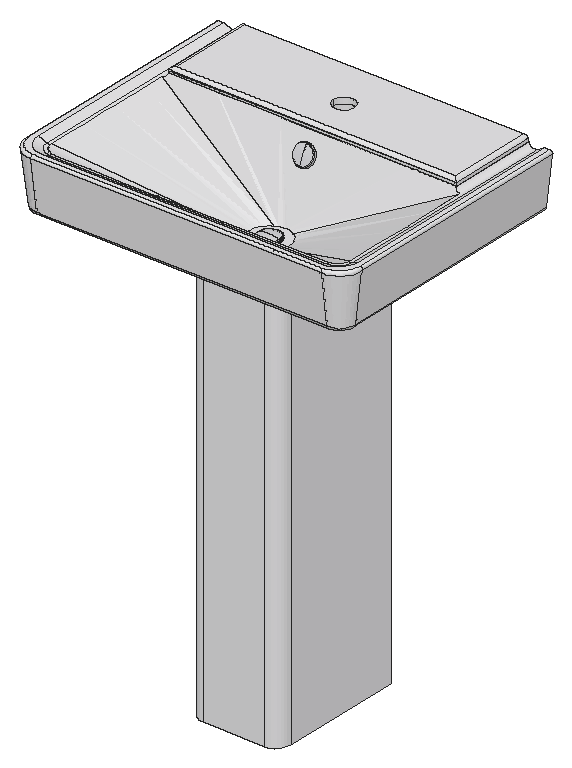
Revit family "Sink-Pedestal-KOHLER-Rêve-K-5152", category Plumbing Fixtures, host Face, Revit 2015
Parameters (values of type "Single Faucet hole, 0- White")
  Width = 18 5/16"  # constant formula
  WaterSense Certified = 1 = 0  # no
  Waste Water Outlet = "Waste Water Outlet"  # constant formula
  Waste Connection = 1 = 1  # yes
  Vent Connection = 1 = 0  # no
  URL = "https://www.us.kohler.com/us/"
  Type = 1
  Single Faucet hole = or(Type = 1)  # yes
  Product Page URL = "http://www.us.kohler.com/us/catalog/productDetails.jsp?productNumber=5152-1"
  Product Name = "Rêve"  # constant formula
  Product Documentation Link = "https://www.us.kohler.com/webassets/kpna/catalog/pdf/en/K-5152-1_spec.pdf"
  Model = if(Type = 1, "K-5152-1-0", if(Type = 2, "K-5152-8-0", "NA"))  # "K-5152-1-0"
  Material = "Fireclay"  # constant formula
  MasterFormat 2004 = "22.41.16"  # constant formula
  MasterFormat 1995 = "15410"  # constant formula
  Manufacturer Address = "444 Highland Dr, Kohler, WI 53044"  # constant formula
  Manufacturer = "KOHLER Co."  # constant formula
  Length = 23 5/8"  # constant formula
  Hot Water Inlet = "Hot Water Inlet"  # constant formula
  Height = 35 1/2"  # constant formula
  HW Connection = 1 = 0  # no
  Finish = Kohler-Fireclay-0-White
  Hole Distance = if(Single Faucet hole, 26", 8")  # 26"
  Environmental Product Declaration = ""
  Drain Included = 1 = 0  # no
  Description = if(Single Faucet hole, "23 inch pedestal bathroom sink with single faucet hole", if([8 inch Widespread Faucet hole], "23 inch pedestal bathroom sink with 8 inch widespread faucet holes", "NA"))  # "23 inch pedestal bathroom sink with single faucet hole"
  Default Elevation = 0"
  Declare Label = ""
  Date Modified = "04/03/2019"  # constant formula
  Date Created = "04/03/2019"  # constant formula
  Copyright = "Copyright KOHLER Co."  # constant formula
  Contact Us = "https://www.us.kohler.com/us/static/contact.jsp"
  Cold Water Inlet = "Cold Water Inlet"  # constant formula
  CW Connection = 1 = 0  # no
  Assembly Code = "D2010400"
  ADA Compliant = 1 = 0  # no
  8 inch Widespread Faucet hole = or(Type = 2)  # no
Types (3): name | Type | Single Faucet hole | Product Page URL | Product Documentation Link | Model | Hole Distance | Description | 8 inch Widespread Faucet hole
  (no name) | 1 | yes | "http://www.us.kohler.com/us/catalog/productDetails.jsp?productNumber=5152-1" | "https://www.us.kohler.com/webassets/kpna/catalog/pdf/en/K-5152-1_spec.pdf" | "K-5152-1-0" | 26" | "23 inch pedestal bathroom sink with single faucet hole" | no
  Single Faucet hole, 0- White | 1 | yes | "http://www.us.kohler.com/us/catalog/productDetails.jsp?productNumber=5152-1" | "https://www.us.kohler.com/webassets/kpna/catalog/pdf/en/K-5152-1_spec.pdf" | "K-5152-1-0" | 26" | "23 inch pedestal bathroom sink with single faucet hole" | no
  8 inch Widespread Faucet hole, 0- White | 2 | no | "http://www.us.kohler.com/us/catalog/productDetails.jsp?productNumber=5152-8" | "https://www.us.kohler.com/webassets/kpna/catalog/pdf/en/K-5152-8_spec.pdf" | "K-5152-8-0" | 8" | "23 inch pedestal bathroom sink with 8 inch widespread faucet holes" | yes
Reference planes (in)
  plane 1 "Center (Front/Back)": y = 0
  plane 2: z = 0
  plane 3 "Center (Left/Right)": x = 0
  plane 4: x = 11.8125
  plane 5: x = -11.8125
  plane 6: y = -3.5625
  plane 7: y = -10.125
  plane 8: y = -6.3125
  plane 9: y = -18.3125
  plane 10: z = 35.5
  plane 11: x = -13
  plane 12: x = 13
  plane 13: y = -3.39408
  plane 14: y = -13.20658
  plane 15: z = 31.1875
  plane 16: z = 29.1875
  plane 17: x = -3.53125
  plane 18: x = 3.53125
Dimensions and locks (in)
  "Width": plane 9 to plane 1 "Center (Front/Back)"
  "Length": plane 5 to plane 4
  plane 1 "Center (Front/Back)" to plane 6 = 3 9/16"
  plane 1 "Center (Front/Back)" to plane 8 = 6 5/16"
  plane 7 to plane 1 "Center (Front/Back)" = 10 1/8"
  "Height": plane 10 to plane 2
  "Hole Distance": plane 11 to plane 12
  equal spacing: plane 11, plane 3 "Center (Left/Right)", plane 12
  plane 13 to plane 14 = 9 13/16"
  plane 18 to plane 17 = 7 1/16"
  plane 10 to plane 16 = 6 5/16"
  plane 10 to plane 15 = 4 5/16"
  aligned and locked: plane 2 to host face
  aligned and locked: level to host face
  aligned and locked: plane 12 to nested 1
  aligned and locked: plane 11 to nested 1
  aligned and locked: plane 3 "Center (Left/Right)" to nested 1
Automatic sketch dimensions
  host sketch curve to host sketch curve = 96"  (x2)
Nested families (in)
  nested 1: "K-5152" at (0, 0, 0), type "K-5152"
Connectors (in)
  piping at (0, -10.12499, 28.3125), diameter 1.25, driven by "Waste Connection", driven by "Waste Water Outlet"
    settings: on nested 1, index 1, connector inside diameter 24", connector length 0", flow factor 0, pipe flow 0 GPM, pressure drop 0.00 psi, fitting loss kfactor 0, connector angle 0.00°, fixture units 0, engagement length 0", angle of deflection 0.00°, flow configuration 0, flow direction 2, fitting loss method 0, system type 16, joint type 0, gender type 0, connector reference index -1, connector utility 1, adjustable connector no, is connector primary yes, connector description "Waste Water Outlet"
Definition of nested family "K-5152"
  Parameters (values of type "K-5152")
    Material = none
    Hole Alignment = 8"
    Faucet Hole Spacing = 8"
    8" widespread faucet hole = yes
  Reference planes (in)
    plane 1 "Center (Front/Back)": y = 0
    plane 2: z = 0
    plane 3 "Center (Left/Right)": x = 0
    plane 4: x = -11.8125
    plane 5: x = 11.8125
    plane 6: y = -18.3125
    plane 7: y = -3.5625
    plane 8: y = -10.125
    plane 9: y = -6.3125
    plane 10: z = 35.5
    plane 11: z = 29.1875
    plane 12: y = -3.39408
    plane 13: y = -13.20658
    plane 14: y = -8.9951
    plane 15: y = -0.9951
    plane 16: z = 31.1875
    plane 17: x = -4
    plane 18: x = 4
    plane 19: through (0, -7.2807, 33.19798) normal (0, 0.8967, -0.4426)
  Forms (in)
    Sweep 1, solid, material <- "Material", detail levels medium+fine
      path origin (0, 0, 0) x (1, 0, 0) y (0, 1, 0)
        loop
          line (11.8125, 0) -> (11.8125, -16.71094)
          arc (11.8125, -16.71094) -> (11.34341, -17.84341) -> (10.21094, -18.3125) r 1.60156
          line (10.21094, -18.3125) -> (-10.2125, -18.3125)
          arc (-10.2125, -18.3125) -> (-11.34387, -17.84387) -> (-11.8125, -16.7125) r 1.6
          line (-11.8125, -16.7125) -> (-11.8125, 0)
      profile origin (-11.8125, -8.35625, 0) x (-1, 0, 0) y (0, 0, 1)
        loop
          line (-1.30703, 31.1875) -> (-0.65674, 31.1875)
          arc (-0.65674, 31.1875) -> (-0.53314, 31.23401) -> (-0.47085, 31.35046) r 0.1875
          line (-0.47085, 31.35046) -> (-0.00152, 34.90604)
          arc (-0.00152, 34.90604) -> (-0.04632, 35.05389) -> (-0.18704, 35.11766) r 0.18713
          line (-0.18704, 35.11766) -> (-0.78825, 35.11766) -> (-1.30703, 31.1875)
    Sweep 2, solid, material <- "Material", detail levels medium+fine
      path origin (0, 0, 0) x (1, 0, 0) y (0, 1, 0)
        loop
          line (-9.38222, 0) -> (-9.38222, -13.87553)
          arc (-9.38222, -13.87553) -> (-9.04869, -14.68072) -> (-8.24349, -15.01425) r 1.13872
          line (-8.24349, -15.01425) -> (8.2411, -15.01425)
          arc (8.2411, -15.01425) -> (9.04765, -14.68017) -> (9.38173, -13.87362) r 1.14063
          line (9.38173, -13.87362) -> (9.38173, 0)
      profile origin (-9.38222, -6.93776, 0) x (1, 0, 0) y (0, 0, 1)
        loop
          line (0.08946, 31.1875) -> (0.31745, 29.47757)
          arc (0.31745, 29.47757) -> (0.42859, 29.27026) -> (0.64876, 29.1875) r 0.33424
          line (0.64876, 29.1875) -> (0.86987, 29.1875) -> (0.60321, 31.1875) -> (0.08946, 31.1875)
    Sweep 3, solid, material <- "Material", detail levels medium+fine
      path origin (0, 0.00159, 0) x (1, 0, 0) y (0, 1, 0)
        loop
          line (-10.11199, -0.00439) -> (-10.11506, -6.3125) -> (10.11458, -6.3125) -> (10.1115, -0.00439)
      profile origin (-10.11353, -3.15686, 0) x (1, -0.000487, 0) y (0, 0, 1)
        loop
          line (0.33107, 35.5) -> (0.29924, 35.5)
          arc (0.29924, 35.5) -> (0.12155, 35.4462) -> (0.00356, 35.30286) r 0.32031
          arc (0.00356, 35.30286) -> (-0.00121, 35.28724) -> (-0.00282, 35.27099) r 0.08288
          line (-0.00282, 35.27099) -> (-0.00282, 35.11766) -> (0.33107, 35.11766) -> (0.33107, 35.5)
    Extrusion 4, solid, material <- "Material", detail levels medium+fine
      sketch origin (0, 0, 0) x (1, 0, 0) y (0, 1, 0)
        loop
          arc (-8.55612, -13.87553) -> (-8.46455, -14.09659) -> (-8.24349, -14.18815) r 0.31263
          line (-8.24349, -14.18815) -> (8.2411, -14.18815)
          arc (8.2411, -14.18815) -> (8.46351, -14.09603) -> (8.55563, -13.87362) r 0.31453
          line (8.55563, -13.87362) -> (8.55563, 0) -> (-8.55612, 0) -> (-8.55612, -13.87553)
      from 29.1875 to 31.1875
    Extrusion 5, solid, material <- "Material", detail levels medium+fine
      sketch origin (0, 0, 0) x (1, 0, 0) y (0, 1, 0)
        loop
          arc (-11.02425, -16.7125) -> (-10.78649, -17.28649) -> (-10.2125, -17.52425) r 0.81175
          line (-10.2125, -17.52425) -> (10.21094, -17.52425)
          arc (10.21094, -17.52425) -> (10.78604, -17.28604) -> (11.02425, -16.71094) r 0.81331
          line (11.02425, -16.71094) -> (11.02425, 0) -> (-11.02425, 0) -> (-11.02425, -16.7125)
      from 31.1875 to 35.11766
    Extrusion 6, solid, material <- "Material", detail levels medium+fine
      sketch origin (0, 0, 0) x (1, 0, 0) y (0, 1, 0)
        loop
          line (-9.78383, -5.98143) -> (9.78335, -5.98143) -> (9.78043, -0.00281) -> (-9.78092, -0.00281) -> (-9.78383, -5.98143)
      from 35.11766 to 35.5
    Blend 7, void
      base sketch origin (0, 0, 0) x (1, 0, 0) y (0, 1, 0)
        loop
          arc (-0.96941, -11.13377) -> (-0.0013, -11.52014) -> (0.96681, -11.13377) r 1.40608
          arc (0.96681, -11.13377) -> (1.15575, -10.91299) -> (1.29527, -10.65808) r 1.40608
          arc (1.29527, -10.65808) -> (1.33071, -9.66371) -> (0.69913, -8.89486) r 1.40608
          arc (0.69913, -8.89486) -> (-0.0013, -8.70799) -> (-0.70172, -8.89486) r 1.40608
          arc (-0.70172, -8.89486) -> (-1.3333, -9.66371) -> (-1.29786, -10.65808) r 1.40608
          arc (-1.29786, -10.65808) -> (-1.15835, -10.91299) -> (-0.96941, -11.13377) r 1.40608
      top sketch origin (0, 0, 0) x (1, 0, 0) y (0, 1, 0)
        loop
          line (-10.28878, -17.56711) -> (10.30015, -17.56716)
          arc (10.30015, -17.56716) -> (11.00725, -17.27427) -> (11.30015, -16.56716) r 1
          line (11.30015, -16.56716) -> (11.30015, -6.27918) -> (-11.28878, -6.27918) -> (-11.28878, -16.56711)
          arc (-11.28878, -16.56711) -> (-10.99589, -17.27421) -> (-10.28878, -17.56711) r 1
      from 29.92729 to 35.2273
    Revolve 8, solid, detail levels medium+fine
      sketch origin (-0.0003, -10.12511, 0.00781) x (1, 0, 0) y (0, 0, 1)
        loop
          line (0.0003, 28.82466) -> (0.13392, 28.82466) -> (0.13392, 29.85466) -> (0.70203, 29.85466) -> (0.72612, 29.87875) -> (0.73365, 29.90895)
          arc (0.73365, 29.90895) -> (0.73053, 29.92363) -> (0.71703, 29.93022) r 0.01713
          line (0.71703, 29.93022) -> (0.68593, 29.93022)
          arc (0.68593, 29.93022) -> (0.67193, 29.93601) -> (0.66614, 29.95001) r 0.01979
          line (0.66614, 29.95001) -> (0.66614, 30.01026)
          arc (0.66614, 30.01026) -> (0.672, 30.02442) -> (0.68617, 30.03029) r 0.02003
          line (0.68617, 30.03029) -> (0.74583, 30.03029)
          arc (0.74583, 30.03029) -> (0.76069, 30.03564) -> (0.76873, 30.04923) r 0.0233
          arc (0.76873, 30.04923) -> (0.76713, 30.06568) -> (0.75422, 30.076) r 0.02123
          arc (0.75422, 30.076) -> (0.38083, 30.15399) -> (0.0003, 30.18024) r 2.78536
          line (0.0003, 30.18024) -> (0.0003, 28.82466)
        axis (0.0003, 28.82466) -> (0.0003, 30.18024)
      angle from 0 to 360
    Revolve 9, void
      sketch origin (0, -0.04712, 0.54688) x (0, 1, 0) y (0, 0, 1)
        loop
          line (-10.07787, 28.8246) -> (-9.72501, 28.8246) -> (-9.29921, 29.36546)
          arc (-9.29921, 29.36546) -> (-9.26115, 29.38227) -> (-9.22223, 29.39696) r 0.75422
          line (-9.22223, 29.39696) -> (-9.22223, 29.48779) -> (-10.07787, 29.48779) -> (-10.07787, 28.8246)
        axis (-10.07787, 28.8246) -> (-10.07787, 29.48779)
      angle from 0 to 360
    Extrusion 10, solid, material <- "Material", detail levels medium+fine
      sketch origin (0, 0, 0) x (1, 0, 0) y (0, 1, 0)
        loop
          line (3.15366, -12.22233) -> (3.15366, -3.39408) -> (2.1658, -3.39408) -> (1.45645, -11.46508) -> (-1.45694, -11.46508) -> (-2.16529, -3.39408) -> (-3.15625, -3.39408) -> (-3.15625, -12.22233)
          arc (-3.15625, -12.22233) -> (-2.86797, -12.9183) -> (-2.172, -13.20658) r 0.98425
          line (-2.172, -13.20658) -> (2.1694, -13.20658)
          arc (2.1694, -13.20658) -> (2.86538, -12.9183) -> (3.15366, -12.22233) r 0.98425
      from 0 to 29.5158
    Revolve 11, solid, material <- "Material", detail levels medium+fine
      sketch origin (-0.00262, -10.12499, -1.5625) x (1, 0, 0) y (0, 0, 1)
        loop
          arc (-1.43069, 29.76553) -> (-1.38047, 29.66538) -> (-1.27596, 29.625) r 0.15544
          line (-1.27596, 29.625) -> (-0.94673, 29.625) -> (-0.94673, 29.875) -> (0.00262, 29.875) -> (0.00262, 30.82606) -> (-1.80304, 31.06431)
          arc (-1.80304, 31.06431) -> (-1.61611, 30.97005) -> (-1.52847, 30.77994) r 0.31758
          line (-1.52847, 30.77994) -> (-1.43069, 29.76553)
        axis (0.00262, 29.625) -> (0.00262, 31.06431)
      angle from 0 to 360
    Extrusion 12, void
      sketch origin (0, 0, 0) x (1, 0, 0) y (0, 1, 0)
        loop
          circle (0, -3.5625) r 0.75
      from 31.43663 to 35.59121
    Extrusion 13, void
      sketch origin (0, 0, 0) x (1, 0, 0) y (0, 1, 0)
        loop
          circle (-4, -3.5625) r 0.75
        loop
          circle (4, -3.5625) r 0.75
      from 31.1875 to 35.59121
    Revolve 14, solid, detail levels medium+fine
      sketch origin (0, 0, 0) x (0, 1, 0) y (0, 0, 1)
        loop
          line (-6.65107, 34.41045) -> (-6.83943, 34.49612)
          arc (-6.83943, 34.49612) -> (-6.85484, 34.49733) -> (-6.86744, 34.48838) r 0.02265
          arc (-6.86744, 34.48838) -> (-7.0519, 34.19725) -> (-7.21239, 33.89226) r 4.28879
          line (-7.21239, 33.89226) -> (-6.95588, 33.77015) -> (-6.65107, 34.41045)
        axis (-6.95588, 33.77015) -> (-7.21239, 33.89226)
      angle from 0 to 360
    Sweep 15, void
      path origin (0, 0, 0) x (1, 0, 0) y (0, 1, 0)
        loop
          line (11.28511, 0) -> (11.28511, -16.29788)
          arc (11.28511, -16.29788) -> (10.84577, -17.35854) -> (9.78511, -17.79788) r 1.5
          line (9.78511, -17.79788) -> (-9.75785, -17.79788)
          arc (-9.75785, -17.79788) -> (-10.81851, -17.35854) -> (-11.25785, -16.29788) r 1.5
          line (-11.25785, -16.29788) -> (-11.25785, 0)
      profile origin (11.28511, -8.14894, 0) x (1, 0, 0) y (0, 0, 1)
        loop
          line (0.10721, 35.15887) -> (0.10721, 35.34758) -> (-1.16922, 35.34758) -> (-1.16922, 35.11978)
          arc (-1.16922, 35.11978) -> (-1.16709, 35.10064) -> (-1.1608, 35.08244) r 0.08701
          arc (-1.1608, 35.08244) -> (-0.89477, 34.83894) -> (-0.53429, 34.85006) r 0.47894
          arc (-0.53429, 34.85006) -> (-0.21109, 34.99937) -> (0.10721, 35.15887) r 11.20313
    Extrusion 16, solid, material <- "Material", detail levels coarse
      sketch origin (0, 0, 0) x (1, 0, 0) y (0, 1, 0)
        loop
          line (-3.53125, -3.39408) -> (-3.53125, -13.23893) -> (3.53894, -13.23893) -> (3.53894, -3.39408) -> (-3.53125, -3.39408)
      from 0 to 29.50181
    Extrusion 17, solid, material <- "Material", detail levels coarse
      sketch origin (0, 0, 0) x (1, 0, 0) y (0, 1, 0)
        loop
          line (-9.29276, 0) -> (-9.29276, -14.93854) -> (9.30921, -14.93854) -> (9.30921, 0) -> (-9.29276, 0)
      from 29.1875 to 31.66275
    Extrusion 18, solid, material <- "Material", detail levels coarse
      sketch origin (0, 0, 0) x (1, 0, 0) y (0, 1, 0)
        loop
          line (-11.81259, 0) -> (-11.81259, -18.3125) -> (11.8125, -18.3125) -> (11.8125, 0) -> (-11.81259, 0)
      from 31.1875 to 35.11766
    Extrusion 19, solid, material <- "Material", detail levels coarse
      sketch origin (0, 0, 0) x (1, 0, 0) y (0, 1, 0)
        loop
          line (-10.11622, -0.00281) -> (-10.11622, -6.30736) -> (10.11102, -6.30736) -> (10.11102, -0.00281) -> (-10.11622, -0.00281)
      from 34.6947 to 35.5
    Extrusion 20, void
      sketch origin (0, 0, 0) x (1, 0, 0) y (0, 1, 0)
        loop
          line (10.11102, -6.30736) -> (-10.13898, -6.30736) -> (-10.13898, -16.80736) -> (10.11102, -16.80736) -> (10.11102, -6.30736)
      from 31.66275 to 35.81262
    Extrusion 21, void
      sketch origin (0, 0, 0) x (1, 0, 0) y (0, 0, 1)
        loop
          line (5.53894, 29.1875) -> (5.53894, 29.9375)
          arc (5.53894, 29.9375) -> (5.02637, 31.17494) -> (3.78894, 31.6875) r 1.75
          line (3.78894, 31.6875) -> (-3.78125, 31.6875)
          arc (-3.78125, 31.6875) -> (-5.01869, 31.17494) -> (-5.53125, 29.9375) r 1.75
          line (-5.53125, 29.9375) -> (-5.53125, 29.1875) -> (5.53894, 29.1875)
      from 0 to 7.86038
  Cuts and joins
    Extrusion 12, Extrusion 13 cuts Sweep 3
    Extrusion 12, Extrusion 13 cuts Extrusion 6
    joined: Sweep 3, Extrusion 6
    Blend 7, Revolve 9, Extrusion 12, Extrusion 13, Sweep 15, Extrusion 21 cuts Sweep 1
    Blend 7, Revolve 9, Extrusion 12, Extrusion 13, Extrusion 21 cuts Sweep 2
    Blend 7, Revolve 9, Extrusion 12, Extrusion 13, Extrusion 21 cuts Extrusion 4
    Blend 7, Revolve 9, Extrusion 12, Extrusion 13, Sweep 15, Extrusion 21 cuts Extrusion 5
    Blend 7, Extrusion 12, Extrusion 13, Extrusion 21 cuts Extrusion 10
    joined: Sweep 1, Sweep 2, Extrusion 4, Extrusion 5, Extrusion 10
    Extrusion 21 cuts Revolve 8
    Extrusion 21 cuts Revolve 14
    joined: Revolve 8, Revolve 14
    Extrusion 20, Extrusion 21 cuts Extrusion 16
    Extrusion 21 cuts Extrusion 17
    Extrusion 20 cuts Extrusion 18
    Extrusion 21 cuts Extrusion 19
    joined: Extrusion 16, Extrusion 17, Extrusion 18, Extrusion 19
    Extrusion 21 cuts Revolve 11
  Lines and regions (in)
    Masking region 1
      outline origin (0, 0, 0) x (1, 0, 0) y (0, 1, 0)
        loop
          arc (-11.8125, -16.72656) -> (-11.34799, -17.84799) -> (-10.22656, -18.3125) r 1.58594
          line (-10.22656, -18.3125) -> (10.2254, -18.3125)
          arc (10.2254, -18.3125) -> (11.34765, -17.84765) -> (11.8125, -16.7254) r 1.5871
          line (11.8125, -16.7254) -> (11.8125, 0) -> (-11.8125, 0) -> (-11.8125, -16.72656)
    Masking region 2
      outline origin (0, 0, 0) x (1, 0, 0) y (0, 0, 1)
        loop
          arc (-11.34165, 31.35046) -> (-11.27936, 31.23401) -> (-11.15576, 31.1875) r 0.1875
          line (-11.15576, 31.1875) -> (-9.29276, 31.1875) -> (-9.06477, 29.47757)
          arc (-9.06477, 29.47757) -> (-8.95363, 29.27026) -> (-8.73346, 29.1875) r 0.33424
          line (-8.73346, 29.1875) -> (-3.53125, 29.1875) -> (-3.53125, 0) -> (3.53125, 0) -> (3.53125, 29.1875) -> (8.73346, 29.1875)
          arc (8.73346, 29.1875) -> (8.95363, 29.27026) -> (9.06477, 29.47757) r 0.33424
          line (9.06477, 29.47757) -> (9.29276, 31.1875) -> (11.15576, 31.1875)
          arc (11.15576, 31.1875) -> (11.27936, 31.23401) -> (11.34165, 31.35046) r 0.1875
          line (11.34165, 31.35046) -> (11.81098, 34.90604)
          arc (11.81098, 34.90604) -> (11.76618, 35.05389) -> (11.62546, 35.11766) r 0.18713
          line (11.62546, 35.11766) -> (10.11842, 35.11766)
          arc (10.11842, 35.11766) -> (10.08008, 35.22768) -> (9.97475, 35.27747) r 0.15068
          arc (9.97475, 35.27747) -> (-0.00254, 35.5) -> (-9.97983, 35.27707) r 223.57612
          arc (-9.97983, 35.27707) -> (-10.08318, 35.22706) -> (-10.11802, 35.11766) r 0.14537
          line (-10.11802, 35.11766) -> (-11.62546, 35.11766)
          arc (-11.62546, 35.11766) -> (-11.76618, 35.05389) -> (-11.81098, 34.90604) r 0.18713
          line (-11.81098, 34.90604) -> (-11.34165, 31.35046)
    Masking region 3
      outline origin (0, 0, 0) x (0, 1, 0) y (0, 0, 1)
        loop
          line (-3.39408, 29.1875) -> (0, 29.1875) -> (0, 35.5) -> (-6.16923, 35.27619)
          arc (-6.16923, 35.27619) -> (-6.27425, 35.22718) -> (-6.31217, 35.11766) r 0.14866
          line (-6.31217, 35.11766) -> (-18.12537, 35.11766)
          arc (-18.12537, 35.11766) -> (-18.26608, 35.05389) -> (-18.31089, 34.90604) r 0.18713
          line (-18.31089, 34.90604) -> (-17.84155, 31.35046)
          arc (-17.84155, 31.35046) -> (-17.77927, 31.23401) -> (-17.65567, 31.1875) r 0.1875
          line (-17.65567, 31.1875) -> (-14.93329, 31.1875) -> (-14.7053, 29.47757)
          arc (-14.7053, 29.47757) -> (-14.59416, 29.27026) -> (-14.37399, 29.1875) r 0.33424
          line (-14.37399, 29.1875) -> (-13.20658, 29.1875) -> (-13.20658, 0) -> (-3.39408, 0) -> (-3.39408, 29.1875)
    symbolic lines, detail levels medium+fine
      curve 1: line (-11.39648, -16.78873, 0) -> (-11.39648, 0, 0)
      curve 2: line (11.39648, 0, 0) -> (11.39648, -16.78963, 0)
      curve 3: line (-10.27058, -17.91463, 0) -> (10.27148, -17.91463, 0)
      curve 4: arc (-11.39648, -16.78873, 0) -> (-11.06671, -17.58486, 0) -> (-10.27058, -17.91463, 0) r 1.1259
      curve 5: arc (10.27148, -17.91463, 0) -> (11.06697, -17.58513, 0) -> (11.39648, -16.78963, 0) r 1.125
      curve 6: line (-10.11622, -0.00281, 0) -> (-10.11622, -5.8125, 0)
      curve 7: line (10.11715, -5.81197, 0) -> (10.11102, -0.00281, 0)
      curve 8: line (9.61715, -6.3125, 0) -> (-9.61622, -6.3125, 0)
      curve 9: arc (9.61715, -6.3125, 0) -> (9.97089, -6.16587, 0) -> (10.11715, -5.81197, 0) r 0.5
      curve 10: arc (-9.61622, -6.3125, 0) -> (-9.96977, -6.16605, 0) -> (-10.11622, -5.8125, 0) r 0.5
      curve 11: circle (0, -10.125, 0) r 0.77079 normal (0, 0, -1)
      curve 12: line (9.61715, -6.3125, 0) -> (2.60472, -7.84027, 0)
      curve 13: line (-11.06706, -17.58451, 0) -> (-3.625, -13.28784, 0)
      curve 14: line (11.06739, -17.58471, 0) -> (3.625, -13.28784, 0)
      curve 15: arc (-3.625, -13.28784, 0) -> (0, -12.31652, 0) -> (3.625, -13.28784, 0) r 7.25
      curve 16: line (-9.61622, -6.3125, 0) -> (-2.60472, -7.84027, 0)
      curve 17: arc (-2.60472, -7.84027, 0) -> (0, -8.06815, 0) -> (2.60472, -7.84027, 0) r 15
      curve 18: circle (0, -3.5625, 0) r 0.75 normal (0, 0, 1)
      curve 21: line (-10.1148, 0, 35.11766) -> (10.11791, 0, 35.11766)
      curve 22: line (-9.29276, 0, 31.1875) -> (9.29276, 0, 31.1875)
      curve 23: line (-3.53125, 0, 29.1875) -> (3.53125, 0, 29.1875)
      curve 24: line (0, -14.93329, 31.1875) -> (0, 0, 31.1875)
      curve 25: line (0, -16.61861, 35.11766) -> (0, 0, 35.11766)
      curve 26: line (0, -13.20658, 29.1875) -> (0, -3.39408, 29.1875)
      curve 27: line (-9.97983, 0, 35.27707) -> (9.97475, 0, 35.27747)
      curve 28: circle (0, -10.125, 0) r 1.5 normal (0, 0, 1)
      curve 29: spline (0.70915, -6.95588, 0) -> (0.68499, -6.87699, 0) -> (0.61415, -6.80348, 0) -> (0.50145, -6.74035, 0) -> (0.35458, -6.69191, 0) -> (0.18354, -6.66146, 0) -> (0, -6.65107, 0) -> (-0.18354, -6.66146, 0) -> (-0.35458, -6.69191, 0) -> (-0.50145, -6.74035, 0) -> (-0.61415, -6.80348, 0) -> (-0.68499, -6.87699, 0) -> (-0.70915, -6.95588, 0) -> (-0.68499, -7.03477, 0) -> (-0.61415, -7.10829, 0) -> (-0.50145, -7.17141, 0) -> (-0.35458, -7.21985, 0) -> (-0.18354, -7.2503, 0) -> (0, -7.26069, 0) -> (0.18354, -7.2503, 0) -> (0.35458, -7.21985, 0) -> (0.50145, -7.17141, 0) -> (0.61415, -7.10829, 0) -> (0.68499, -7.03477, 0) -> (0.70915, -6.95588, 0)
    symbolic lines, visible <- "8" widespread faucet hole", detail levels medium+fine
      curve 19: circle (-4, -3.5625, 0) r 0.75 normal (0, 0, 1)
      curve 20: circle (4, -3.5625, 0) r 0.75 normal (0, 0, 1)
  Dimensions and locks (in)
    plane 4 to plane 5 = 23 5/8"
    plane 6 to plane 1 "Center (Front/Back)" = 18 5/16"
    plane 7 to plane 1 "Center (Front/Back)" = 3 9/16"
    plane 8 to plane 1 "Center (Front/Back)" = 10 1/8"
    plane 9 to plane 1 "Center (Front/Back)" = 6 5/16"
    plane 10 to plane 2 = 35 1/2"
    plane 10 to plane 11 = 6 5/16"
    plane 12 to plane 13 = 9 13/16"
    plane 11 to plane 2 = 29 3/16"
    "Hole Alignment": plane 15 to plane 14
    "Faucet Hole Spacing": plane 17 to plane 18
    equal spacing: plane 17, plane 3 "Center (Left/Right)", plane 18, locked at 4 each
    plane 10 to plane 16 = 4 5/16"
    aligned and locked: plane 2 to level
    aligned and locked: plane 7 to Extrusion 13 sketch curve  (x2)
    aligned and locked: plane 17 to Extrusion 13 sketch curve
    aligned and locked: plane 18 to Extrusion 13 sketch curve
  Automatic sketch dimensions
    profile plane to Sweep 1 sketch curve = 1.30703"
    Sweep 1 sketch curve to Sweep 1 sketch curve = 0.65029"
    profile plane to Sweep 1 sketch curve = 0.78825"
    Sweep 1 sketch curve to Sweep 1 sketch curve = 0.18589"
    profile plane to Sweep 1 sketch curve = 0.18704"
    profile plane to Sweep 1 sketch curve = 0.00152"
    level to Sweep 1 sketch curve = 31 3/16"
    Sweep 1 sketch curve to Sweep 1 sketch curve = 0.16296"
    Sweep 1 sketch curve to Sweep 1 sketch curve = 3.55558"
    Sweep 1 sketch curve to Sweep 1 sketch curve = 0.02449"
    plane 1 "Center (Front/Back)" to Sweep 2 sketch curve = 0"  (x2)
    Sweep 2 sketch curve to plane 4 = 2.43028"  (x2)
    Sweep 2 sketch curve to plane 13 = 0.66895"
    Sweep 2 sketch curve to Sweep 2 sketch curve = 1.13872"  (x2)
    Sweep 2 sketch curve to Sweep 2 sketch curve = 0"  (x2)
    Sweep 2 sketch curve to plane 13 = 0.66704"  (x2)
    Sweep 2 sketch curve to plane 5 = 3.5714"
    Sweep 2 sketch curve to plane 5 = 2.43077"
    Sweep 2 sketch curve to Sweep 2 sketch curve = 1 9/64"
    Sweep 2 sketch curve to profile plane = 0.08946"
    Sweep 2 sketch curve to profile plane = 0.31745"
    Sweep 2 sketch curve to Sweep 2 sketch curve = 0.33131"
    Sweep 2 sketch curve to Sweep 2 sketch curve = 0.51375"
    Sweep 2 sketch curve to Sweep 2 sketch curve = 0.22111"
    level to Sweep 2 sketch curve = 29 3/16"
    Sweep 2 sketch curve to Sweep 2 sketch curve = 0.29007"
    Sweep 2 sketch curve to Sweep 2 sketch curve = 1.66576"
    Sweep 3 sketch curve to plane 9 = 0.00159"
    Sweep 3 sketch curve to plane 4 = 1.69744"
    Sweep 3 sketch curve to plane 5 = 1.69792"
    plane 1 "Center (Front/Back)" to Extrusion 4 sketch curve = 0"
    Extrusion 4 sketch curve to plane 4 = 3.25638"  (x2)
    Extrusion 4 sketch curve to plane 13 = 0.66895"
    Extrusion 4 sketch curve to Extrusion 4 sketch curve = 0.31263"  (x2)
    Extrusion 4 sketch curve to Extrusion 4 sketch curve = 0"  (x2)
    Extrusion 4 sketch curve to plane 13 = 0.66704"  (x2)
    Extrusion 4 sketch curve to plane 5 = 3.5714"
    Extrusion 4 sketch curve to plane 5 = 3.25687"
    Extrusion 4 sketch curve to Extrusion 4 sketch curve = 0.31453"
    Extrusion 5 sketch curve to plane 4 = 0.78825"
    Extrusion 5 sketch curve to Extrusion 5 sketch curve = 0.81175"
    Extrusion 5 sketch curve to plane 5 = 1 77/128"
    Extrusion 5 sketch curve to plane 5 = 0.78825"
    plane 6 to Extrusion 5 sketch curve = 0.78825"
    plane 1 "Center (Front/Back)" to Extrusion 5 sketch curve = 0"
    Extrusion 6 sketch curve to plane 9 = 0.33107"
    Extrusion 6 sketch curve to plane 4 = 2.02867"
    plane 1 "Center (Front/Back)" to Extrusion 6 sketch curve = 0.00281"
    Extrusion 6 sketch curve to plane 4 = 2.03158"
    Extrusion 6 sketch curve to plane 5 = 2.03207"
    Extrusion 6 sketch curve to plane 5 = 2.02915"
    Blend 7 sketch curve to plane 9 = 0.03332"
    Blend 7 sketch curve to plane 4 = 0.52372"
    Blend 7 sketch curve to Blend 7 sketch curve = 1"  (x2)
    Blend 7 sketch curve to plane 5 = 1.51235"
    Blend 7 sketch curve to Blend 7 sketch curve = 0"  (x31)
    Blend 7 sketch curve to plane 5 = 0.51235"
    plane 6 to Blend 7 sketch curve = 1.74539"
    plane 6 to Blend 7 sketch curve = 1.74534"
    plane 8 to Revolve 9 sketch curve = 0"  (x2)
    Revolve 9 sketch curve to Revolve 9 sketch curve = 0.35286"
    Revolve 9 sketch curve to plane 11 = 0.72483"
    Revolve 9 sketch curve to Revolve 9 sketch curve = 0.4258"
    Revolve 9 sketch curve to Revolve 9 sketch curve = 0.07698"
    Revolve 9 sketch curve to Revolve 9 sketch curve = 0.2467"
    Revolve 9 sketch curve to Revolve 9 sketch curve = 0.54086"
    Revolve 9 sketch curve to Revolve 9 sketch curve = 0.09084"
    Revolve 9 sketch curve to plane 11 = 0.53833"
    Revolve 9 sketch curve to Revolve 9 sketch curve = 0.20786"
    Extrusion 12 sketch curve to plane 3 "Center (Left/Right)" = 0"
    plane 7 to Extrusion 12 sketch curve = 0"
    Revolve 8 sketch curve to plane 3 "Center (Left/Right)" = 0.00096"
    plane 3 "Center (Left/Right)" to Revolve 8 sketch curve = 0.66584"
    Revolve 8 sketch curve to Revolve 8 sketch curve = 0.01979"
    Revolve 8 sketch curve to Revolve 8 sketch curve = 0.02003"
    Revolve 8 sketch curve to Revolve 8 sketch curve = 0.0161"
    Revolve 8 sketch curve to Revolve 8 sketch curve = 0.0311"
    Revolve 8 sketch curve to Revolve 8 sketch curve = 0.02409"  (x2)
    Revolve 8 sketch curve to Revolve 8 sketch curve = 0.01662"
    Revolve 8 sketch curve to Revolve 8 sketch curve = 0.05966"
    Revolve 8 sketch curve to Revolve 8 sketch curve = 0.00263"
    Revolve 8 sketch curve to plane 11 = 0.67497"
    Revolve 8 sketch curve to Revolve 8 sketch curve = 0.0302"
    Revolve 8 sketch curve to Revolve 8 sketch curve = 0.00414"
    Revolve 8 sketch curve to Revolve 8 sketch curve = 0.06025"
    Revolve 8 sketch curve to Revolve 8 sketch curve = 0.0233"
    Revolve 8 sketch curve to Revolve 8 sketch curve = 0.00198"
    Revolve 8 sketch curve to Revolve 8 sketch curve = 1.35558"
    Revolve 8 sketch curve to plane 3 "Center (Left/Right)" = 0"  (x2)
    Revolve 8 sketch curve to Revolve 8 sketch curve = 0.13362"
    Revolve 8 sketch curve to Revolve 8 sketch curve = 0"
    plane 11 to Revolve 8 sketch curve = 0.35503"
    Revolve 8 sketch curve to Revolve 8 sketch curve = 1.10555"
    Revolve 8 sketch curve to Revolve 8 sketch curve = 0.04359"
    plane 11 to Revolve 11 sketch curve = 0.00054"
    Revolve 11 sketch curve to plane 11 = 0.31431"
    Revolve 11 sketch curve to Revolve 11 sketch curve = 0.04154"
    Revolve 11 sketch curve to plane 11 = 0.02994"
    Revolve 11 sketch curve to Revolve 11 sketch curve = 0.09778"
    Revolve 11 sketch curve to Revolve 11 sketch curve = 0.32924"
    Revolve 11 sketch curve to Revolve 11 sketch curve = 0"
    Revolve 11 sketch curve to plane 3 "Center (Left/Right)" = 0"
    Revolve 11 sketch curve to Revolve 11 sketch curve = 0.11342"
    Revolve 11 sketch curve to Revolve 11 sketch curve = 0.19936"
    Revolve 11 sketch curve to plane 11 = 0.07606"
    Revolve 11 sketch curve to Revolve 11 sketch curve = 1.53109"
    plane 1 "Center (Front/Back)" to Sweep 1 sketch curve = 0"  (x2)
    Sweep 1 sketch curve to plane 4 = 0"
    Sweep 1 sketch curve to plane 5 = 0"
    Sweep 1 sketch curve to plane 6 = 0"
    Sweep 1 sketch curve to plane 4 = 1.6"
    plane 6 to Sweep 1 sketch curve = 1 77/128"
    plane 1 "Center (Front/Back)" to Sweep 3 sketch curve = 0.00281"  (x2)
    Sweep 3 sketch curve to plane 4 = 1.70051"
    Sweep 3 sketch curve to plane 5 = 1.701"
    profile plane to Sweep 3 sketch curve = 0.00282"
    Sweep 3 sketch curve to profile plane = 0.08006"
    Sweep 3 sketch curve to profile plane = 0.29924"
    Sweep 3 sketch curve to Sweep 3 sketch curve = 0.03183"
    level to Sweep 3 sketch curve = 35.11766"
    Sweep 3 sketch curve to Sweep 3 sketch curve = 0.06203"
    Sweep 3 sketch curve to Sweep 3 sketch curve = 0.15333"
    Sweep 3 sketch curve to Sweep 3 sketch curve = 0.22901"
    Masking region 1 sketch curve to plane 4 = 0"
    Masking region 1 sketch curve to plane 5 = 0"
    plane 1 "Center (Front/Back)" to Masking region 1 sketch curve = 0"
    Masking region 1 sketch curve to Masking region 1 sketch curve = 1 75/128"
    Masking region 1 sketch curve to plane 6 = 0"
    Masking region 1 sketch curve to plane 5 = 1.5871"
    Blend 7 sketch curve to plane 3 "Center (Left/Right)" = 0.0013"
    plane 8 to Blend 7 sketch curve = 0.01094"
    Blend 7 sketch curve to plane 3 "Center (Left/Right)" = 0.70172"
    Blend 7 sketch curve to plane 3 "Center (Left/Right)" = 0.96941"
    Blend 7 sketch curve to Blend 7 sketch curve = 0.32846"  (x2)
    plane 3 "Center (Left/Right)" to Blend 7 sketch curve = 0.69913"
    plane 3 "Center (Left/Right)" to Blend 7 sketch curve = 0.96681"
    Blend 7 sketch curve to plane 8 = 0.53309"
    Revolve 8 sketch curve to Revolve 8 sketch curve = 1.42978"
    Revolve 9 sketch curve to plane 11 = 0.0436"
    Revolve 11 sketch curve to Revolve 11 sketch curve = 0.15472"
    plane 11 to Revolve 11 sketch curve = 7/8"
    Revolve 11 sketch curve to Revolve 11 sketch curve = 0.09456"
    Revolve 11 sketch curve to Revolve 11 sketch curve = 0.01491"
    plane 1 "Center (Front/Back)" to Sweep 15 sketch curve = 0"  (x2)
    Sweep 15 sketch curve to plane 4 = 0.55465"
    Sweep 15 sketch curve to Sweep 15 sketch curve = 1 1/2"
    Sweep 15 sketch curve to plane 5 = 2.02739"
    Sweep 15 sketch curve to plane 5 = 0.52739"
    plane 6 to Sweep 15 sketch curve = 2.01462"
    profile plane to Sweep 15 sketch curve = 5.07036"
    profile plane to Sweep 15 sketch curve = 1.16922"
    Sweep 15 sketch curve to Sweep 15 sketch curve = 0.08701"
    Sweep 15 sketch curve to Sweep 15 sketch curve = 0.35401"
    Sweep 15 sketch curve to profile plane = 0.10721"
    level to Sweep 15 sketch curve = 35.11978"
    Sweep 15 sketch curve to Sweep 15 sketch curve = 0.16821"
    Sweep 15 sketch curve to Sweep 15 sketch curve = 0.2278"
    Sweep 15 sketch curve to Sweep 15 sketch curve = 0"  (x2)
    Sweep 15 sketch curve to Sweep 15 sketch curve = 0.19392"
    plane 12 to Extrusion 16 sketch curve = 0"
    Extrusion 16 sketch curve to plane 13 = 0.03235"
    Extrusion 16 sketch curve to plane 3 "Center (Left/Right)" = 3 17/32"
    plane 3 "Center (Left/Right)" to Extrusion 16 sketch curve = 3.53894"
    plane 1 "Center (Front/Back)" to Extrusion 17 sketch curve = 0"
    Extrusion 17 sketch curve to plane 4 = 2.51974"
    Extrusion 17 sketch curve to plane 5 = 2.50329"
    Extrusion 17 sketch curve to plane 13 = 1.73196"
    Extrusion 18 sketch curve to plane 6 = 0"
    plane 1 "Center (Front/Back)" to Extrusion 18 sketch curve = 0"
    Extrusion 18 sketch curve to plane 5 = 0"
    plane 4 to Extrusion 18 sketch curve = 0.00009"
    Extrusion 19 sketch curve to plane 9 = 0.00514"
    Extrusion 19 sketch curve to plane 4 = 1.69628"
    Extrusion 19 sketch curve to plane 5 = 1.70148"
    plane 1 "Center (Front/Back)" to Extrusion 19 sketch curve = 0.00281"
    Extrusion 20 sketch curve to plane 9 = 0.00514"
    Extrusion 20 sketch curve to plane 4 = 1.67352"
    Extrusion 20 sketch curve to plane 5 = 1.70148"
    plane 6 to Extrusion 20 sketch curve = 1.50514"
    Masking region 3 sketch curve to plane 16 = 0"
    plane 11 to Masking region 3 sketch curve = 0"  (x2)
    Masking region 3 sketch curve to plane 13 = 0"
    Masking region 3 sketch curve to level = 0"
    Masking region 3 sketch curve to plane 12 = 0"
    Masking region 3 sketch curve to plane 1 "Center (Front/Back)" = 0"
    plane 10 to Masking region 3 sketch curve = 0"
    Masking region 3 sketch curve to plane 13 = 1.16741"
    Masking region 3 sketch curve to plane 11 = 0.29007"
    Masking region 3 sketch curve to Masking region 3 sketch curve = 0.33131"
    Masking region 3 sketch curve to Masking region 3 sketch curve = 0.22799"
    plane 6 to Masking region 3 sketch curve = 0.65683"
    plane 16 to Masking region 3 sketch curve = 0.16296"
    Masking region 3 sketch curve to Masking region 3 sketch curve = 0.18589"
    plane 6 to Masking region 3 sketch curve = 0.18713"
    plane 6 to Masking region 3 sketch curve = 0.00161"
    Masking region 3 sketch curve to plane 9 = 0.14327"
    Masking region 3 sketch curve to Masking region 3 sketch curve = 0.00539"
    plane 10 to Masking region 3 sketch curve = 0.59396"
    Masking region 3 sketch curve to Masking region 3 sketch curve = 0.02449"
    Masking region 3 sketch curve to plane 9 = 0.00033"
    Masking region 3 sketch curve to Masking region 3 sketch curve = 0.00997"
    curve 24 to plane 16 = 0"
    plane 11 to curve 26 = 0"
    curve 26 to plane 13 = 0"
    curve 26 to plane 12 = 0"
    curve 25 to plane 1 "Center (Front/Back)" = 0"
    curve 24 to plane 1 "Center (Front/Back)" = 0"
    curve 24 to plane 13 = 1.72671"
    plane 10 to curve 25 = 0.38234"
    plane 6 to curve 25 = 1.69389"
    Masking region 2 sketch curve to plane 16 = 0"  (x2)
    Masking region 2 sketch curve to plane 11 = 0"  (x2)
    Masking region 2 sketch curve to level = 0"
    Masking region 2 sketch curve to plane 4 = 0.00152"
    Masking region 2 sketch curve to plane 4 = 0.18704"
    plane 16 to Masking region 2 sketch curve = 0.16296"  (x2)
    Masking region 2 sketch curve to plane 4 = 0.47085"
    Masking region 2 sketch curve to Masking region 2 sketch curve = 0.18589"
    plane 10 to Masking region 2 sketch curve = 0.38234"
    Masking region 2 sketch curve to Masking region 2 sketch curve = 1.50744"
    Masking region 2 sketch curve to Masking region 2 sketch curve = 0.14468"
    Masking region 2 sketch curve to Masking region 2 sketch curve = 1.863"
    Masking region 2 sketch curve to plane 11 = 0.29007"  (x2)
    Masking region 2 sketch curve to Masking region 2 sketch curve = 0.22799"  (x2)
    Masking region 2 sketch curve to Masking region 2 sketch curve = 0.33131"  (x2)
    Masking region 2 sketch curve to plane 3 "Center (Left/Right)" = 3 17/32"
    plane 3 "Center (Left/Right)" to Masking region 2 sketch curve = 0.00195"
    plane 3 "Center (Left/Right)" to Masking region 2 sketch curve = 3 17/32"
    Masking region 2 sketch curve to plane 5 = 3.07904"
    plane 10 to Masking region 2 sketch curve = 0.37306"
    Masking region 2 sketch curve to plane 5 = 1.84447"
    plane 16 to Masking region 2 sketch curve = 3/16"
    Masking region 2 sketch curve to plane 5 = 0.65674"
    Masking region 2 sketch curve to plane 5 = 0.18704"
    Masking region 2 sketch curve to plane 5 = 0.00152"
    Masking region 2 sketch curve to Masking region 2 sketch curve = 0.21162"
    plane 10 to Masking region 2 sketch curve = 0.59396"
    Masking region 2 sketch curve to Masking region 2 sketch curve = 0.02449"
    Masking region 2 sketch curve to Masking region 2 sketch curve = 0.01418"
    Masking region 2 sketch curve to Masking region 2 sketch curve = 0"  (x2)
    Masking region 2 sketch curve to Masking region 2 sketch curve = 0.15039"
    curve 22 to plane 16 = 0"
    curve 23 to plane 11 = 0"
    plane 10 to curve 21 = 0.38234"
    curve 21 to plane 4 = 1.6977"
    curve 21 to curve 27 = 0.13497"
    curve 22 to plane 4 = 2.51974"
    curve 23 to plane 3 "Center (Left/Right)" = 3 17/32"
    plane 3 "Center (Left/Right)" to curve 23 = 3 17/32"
    curve 22 to plane 5 = 2.51974"
    plane 10 to curve 27 = 0.22253"
    curve 27 to plane 5 = 1.83775"
    curve 27 to curve 21 = 0.14316"
    curve 21 to curve 27 = 0.1594"
    plane 9 to Revolve 14 sketch curve = 0.89989"
    Revolve 14 sketch curve to Revolve 14 sketch curve = 0.25651"
    plane 9 to Revolve 14 sketch curve = 0.5363"
    Revolve 14 sketch curve to Revolve 14 sketch curve = 0.00938"
    Revolve 14 sketch curve to Revolve 14 sketch curve = 0.18835"
    Revolve 14 sketch curve to plane 12 = 0.05427"
    plane 16 to Revolve 14 sketch curve = 0.8617"
    plane 10 to Revolve 14 sketch curve = 1.72985"
    Revolve 14 sketch curve to Revolve 14 sketch curve = 0.12211"
    Revolve 14 sketch curve to Revolve 14 sketch curve = 0.06504"
    Revolve 14 sketch curve to Revolve 14 sketch curve = 0.02062"
    Revolve 14 sketch curve to Revolve 14 sketch curve = 0.08669"
    Revolve 14 sketch curve to Revolve 14 sketch curve = 0.08763"
    Revolve 14 sketch curve to Revolve 14 sketch curve = 0.04171"
    Revolve 14 sketch curve to Revolve 14 sketch curve = 0.03912"
    Extrusion 21 sketch curve to plane 11 = 0"
    Extrusion 21 sketch curve to plane 11 = 3/4"  (x2)
    Extrusion 21 sketch curve to plane 3 "Center (Left/Right)" = 5 17/32"
    Extrusion 21 sketch curve to Extrusion 21 sketch curve = 1 3/4"
    plane 3 "Center (Left/Right)" to Extrusion 21 sketch curve = 3.78894"
    plane 12 to Extrusion 10 sketch curve = 0"  (x2)
    Extrusion 10 sketch curve to plane 13 = 0"
    Extrusion 10 sketch curve to plane 3 "Center (Left/Right)" = 3 5/32"
    plane 13 to Extrusion 10 sketch curve = 0.98425"
    Extrusion 10 sketch curve to Extrusion 10 sketch curve = 0.99096"
    Extrusion 10 sketch curve to Extrusion 10 sketch curve = 0.71506"
    plane 3 "Center (Left/Right)" to Extrusion 10 sketch curve = 1.45645"
    plane 3 "Center (Left/Right)" to Extrusion 10 sketch curve = 2.1658"
    Extrusion 10 sketch curve to Extrusion 10 sketch curve = 0.71296"
    Extrusion 10 sketch curve to Extrusion 10 sketch curve = 0.98785"
    Extrusion 10 sketch curve to Extrusion 10 sketch curve = 0.75725"
    curve 11 to curve 28 = 0"  (x2)
    plane 1 "Center (Front/Back)" to curve 1 = 0"
    plane 9 to curve 8 = 0"
    plane 7 to curve 19 = 0"
    curve 17 to plane 3 "Center (Left/Right)" = 0"
    curve 28 to plane 3 "Center (Left/Right)" = 0"
    curve 18 to plane 3 "Center (Left/Right)" = 0"
    curve 15 to plane 3 "Center (Left/Right)" = 0"
    curve 29 to plane 3 "Center (Left/Right)" = 0"
    plane 7 to curve 20 = 0"
    plane 1 "Center (Front/Back)" to curve 2 = 0"
    curve 28 to plane 8 = 0"
    plane 7 to curve 18 = 0"
    plane 9 to curve 16 = 1.52777"
    curve 16 to plane 3 "Center (Left/Right)" = 2.60472"
    curve 13 to plane 13 = 0.08126"
    curve 13 to plane 3 "Center (Left/Right)" = 3 5/8"
    curve 19 to plane 3 "Center (Left/Right)" = 4"
    curve 16 to plane 4 = 2.19628"
    curve 6 to plane 9 = 1/2"
    curve 4 to plane 4 = 1.54192"
    curve 1 to plane 4 = 0.41602"
    plane 9 to curve 12 = 1.52777"
    curve 14 to plane 13 = 0.08126"
    curve 18 to curve 20 = 4"
    curve 9 to plane 9 = 1/2"
    curve 9 to plane 5 = 2.19535"
    curve 7 to plane 9 = 0.50053"
    plane 6 to curve 3 = 0.39787"
    curve 3 to plane 5 = 1.54102"
    curve 2 to plane 5 = 0.41602"
    curve 15 to plane 6 = 1.25402"
    curve 17 to plane 1 "Center (Front/Back)" = 6.93185"
    plane 6 to curve 13 = 0.72799"
    plane 3 "Center (Left/Right)" to curve 29 = 0.70915"
    plane 1 "Center (Front/Back)" to curve 7 = 0.00281"
    curve 7 to curve 2 = 1.28546"
    plane 6 to curve 14 = 0.72779"
    plane 9 to curve 29 = 0.64338"
    plane 1 "Center (Front/Back)" to curve 6 = 0.00281"
    radius of Extrusion 12 sketch curve = 3/4"
    radius of curve 11 = 0.77079"
    radius of curve 18 = 3/4"
    radius of curve 19 = 3/4"
    radius of curve 20 = 3/4"
    radius of curve 28 = 1 1/2"
    radius of Extrusion 13 sketch curve = 3/4"  (x2)
